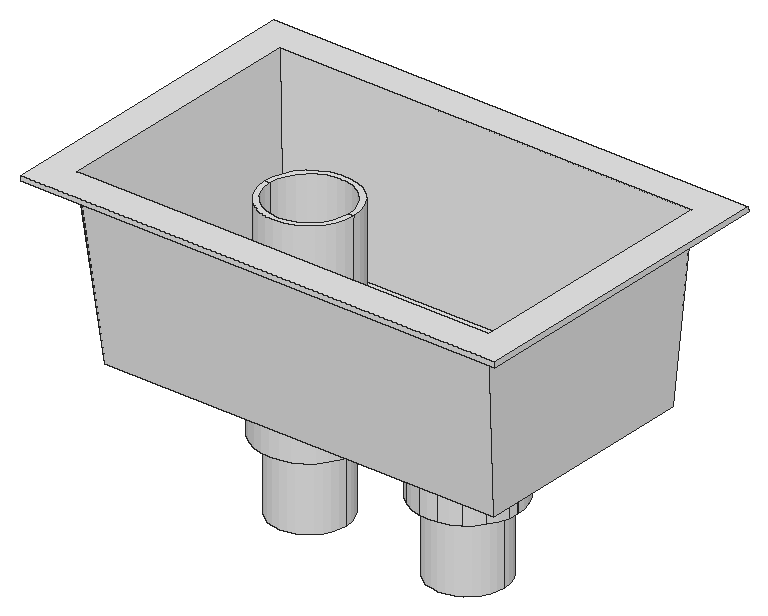
Revit family "Viking Roofspec Sump 01 M17", category Pipe Fittings, host Face, Revit 2021
Family settings
  Host = Face
  Round Connector Dimension = Use Diameter
  Part Type = Cap
  Cut with Voids When Loaded = No
  Shared = No
Parameters (values of type "Sumps IMR100 450x300x164mm+75mm outlet")
  URL = "www.vikingroofspec.co.nz"
  Type Comments = "Viking Roofspec sump / overflow IMR100, installed as per manufacturers instructions."
  Pipe Diameter = 75 mm
  Overall Height = 297 mm
  Offset Pipe2 = 79.148 mm
  Offset Pipe1 = 70.669 mm
  Model = "IMR100"
  Material = Viking Roofspec - Plastic White
  Manufacturer = "Viking Roofspec"  # constant formula
  Flow Out = 2.5 L/s
  Flange Cut Width = 300 mm
  Flange Cut Length = 450 mm
  Default Elevation = 0 mm
  Component = IMR100 : IMR100
Reference planes
  plane 1 "Center (Front/Back)": y = 0
  plane 2: z = 0
  plane 3 "Center (Left/Right)": x = 0
  plane 4 "Pipe Connector": z = -297
  plane 5: x = -225
  plane 6: x = 225
  plane 7: y = -150
  plane 8: y = 150
Forms (mm)
  Extrusion 1, void
    sketch origin (0, 0, 0) x (1, 0, 0) y (0, 1, 0)
      loop
        circle (0, 0) r 115
    from -4 to 0
  Extrusion 2, void
    sketch origin (0, 0, 0) x (1, 0, 0) y (0, 1, 0)
      loop
        line (-225, 150) -> (-225, -150) -> (225, -150) -> (225, 150) -> (-225, 150)
    from 0 to -5
  Extrusion 3, void
    sketch origin (0, 0, 0) x (1, 0, 0) y (0, 1, 0)
      loop
        line (-200, 125) -> (-200, -125) -> (200, -125) -> (200, 125) -> (-200, 125)
    from 0 to -297
  Extrusion 4, solid, not visible
    sketch origin (0, 0, -297) x (0, -1, 0) y (1, 0, 0)
      loop
        circle (0, -70.669) r 35
    from 0 to 1
  Extrusion 5, solid, not visible
    sketch origin (149.817, 0, -297) x (0, -1, 0) y (1, 0, 0)
      loop
        circle (0, -70.669) r 35
    from 0 to 1
Dimensions and locks
  "Overall Height": host face to plane 4 "Pipe Connector"
  equal spacing: plane 5, plane 3 "Center (Left/Right)", plane 6
  equal spacing: plane 8, plane 1 "Center (Front/Back)", plane 7
  "Flange Cut Length": plane 5 to plane 6
  "Flange Cut Width": plane 8 to plane 7
  locked: plane 8 to Extrusion 3 sketch curve at 25
  locked: Extrusion 3 sketch curve to plane 7 at 25
  locked: plane 5 to Extrusion 3 sketch curve at 25
  locked: Extrusion 3 sketch curve to plane 6 at 25
  "Offset Pipe1": Extrusion 4 sketch curve to nested 1
  "Offset Pipe2": nested 1 to Extrusion 5 sketch curve
  diameter of Extrusion 1 sketch curve = 230 mm
  aligned and locked: plane 2 to host face
  aligned and locked: level to host face
  aligned and locked: Extrusion 2 to plane 5
  aligned and locked: plane 8 to Extrusion 2
  aligned and locked: plane 6 to Extrusion 2
  aligned and locked: Extrusion 2 to plane 7
  aligned and locked: Extrusion 3 to plane 4 "Pipe Connector"
Automatic sketch dimensions
  host sketch curve to host sketch curve = 2438.4 mm  (x2)
  plane 1 "Center (Front/Back)" to Extrusion 1 sketch curve = 0 mm
  Extrusion 1 sketch curve to plane 3 "Center (Left/Right)" = 0 mm
  Extrusion 2 sketch curve to plane 5 = 0 mm
  Extrusion 2 sketch curve to plane 6 = 0 mm
  Extrusion 2 sketch curve to plane 7 = 0 mm
  Extrusion 2 sketch curve to plane 8 = 0 mm
  plane 1 "Center (Front/Back)" to Extrusion 4 sketch curve = 0 mm
  plane 1 "Center (Front/Back)" to Extrusion 5 sketch curve = 0 mm
  radius of Extrusion 4 sketch curve = 35 mm
  radius of Extrusion 5 sketch curve = 35 mm
Nested families
  nested 1: "IMR100" at (0, 0, 0), type <- "Component", Material <- "Material", type "IMR100"
Connectors
  piping at (79.148, 0, -297), diameter 75, driven by "Pipe Diameter", driven by "Flow Out"
    settings: on Extrusion 5, index 4, connector inside diameter 609.6 mm, connector length 0 mm, flow factor 0, pipe flow 2.5 L/s, pressure drop 0.0 Pa, fitting loss kfactor 0, connector angle 0.00°, fixture units 0, engagement length 0 mm, angle of deflection 0.00°, flow configuration 1, flow direction 2, fitting loss method 4, system type 16, joint type 0, gender type 0, connector reference index -1, connector utility 0, adjustable connector no, is connector primary yes, connector description "Sump"
  piping at (-70.669, 0, -297), diameter 75, driven by "Pipe Diameter", driven by "Flow Out"
    settings: on Extrusion 4, index 5, connector inside diameter 609.6 mm, connector length 0 mm, flow factor 0, pipe flow 2.5 L/s, pressure drop 0.0 Pa, fitting loss kfactor 0, connector angle 0.00°, fixture units 0, engagement length 0 mm, angle of deflection 0.00°, flow configuration 1, flow direction 2, fitting loss method 4, system type 16, joint type 0, gender type 0, connector reference index -1, connector utility 0, adjustable connector no, is connector primary no, connector description "Sump Overflow"
Definition of nested family "IMR100"
  Parameters (values of type "IMR100")
    Material [instance] = none
    Default Elevation = 1219.2 mm
  Reference planes
    plane 1 "Center (Front/Back)": y = 0
    plane 2: z = 0
    plane 3 "Center (Left/Right)": x = 0
  Forms (mm)
    Revolve 1, solid, material <- "Material"
      sketch origin (-516.73, 0, 0) x (1, 0, 0) y (0, 0, 1)
        loop
          line (410.877, -229.917) -> (410.877, -296.917) -> (445.858, -296.917) -> (445.859, -163.741) -> (398.481, -163.741) -> (398.481, -229.917) -> (410.877, -229.917)
        axis (445.858, -296.917) -> (445.859, -163.741)
      angle from 0 to 360
    Extrusion 2, solid, material <- "Material"
      sketch origin (0, 0, 0) x (0, 1, 0) y (0, 0, 1)
        loop
          line (-150, 0) -> (-150, -5) -> (-120, -5) -> (-105.735, -163.741) -> (105.735, -163.741) -> (120, -5) -> (150, -5) -> (150, 0) -> (-150, 0)
      from -224.883 to 225.117
    Extrusion 3, void
      sketch origin (0, 0, 0) x (1, 0, 0) y (0, 0, 1)
        loop
          line (-243.545, -5) -> (-243.545, -170.235) -> (-180.035, -170.235) -> (-194.883, -5) -> (-243.545, -5)
      from -198.718 to 250
    Extrusion 4, void
      sketch origin (0, 0, 0) x (-1, 0, 0) y (0, 0, -1)
        loop
          line (-243.545, 5) -> (-195.117, 5) -> (-188.514, 170.235) -> (-243.545, 170.235) -> (-243.545, 5)
      from -198.718 to 250
    Revolve 5, solid, material <- "Material"
      sketch origin (-366.73, 0, 0) x (1, 0, 0) y (0, 0, 1)
        loop
          line (410.877, -229.917) -> (410.877, -296.917) -> (445.858, -296.917) -> (445.859, -163.741) -> (398.481, -163.741) -> (398.481, -229.917) -> (410.877, -229.917)
        axis (445.858, -296.917) -> (445.859, -163.741)
      angle from 0 to 360
    Revolve 6, solid, material <- "Material"
      sketch origin (0, 0, 0) x (1, 0, 0) y (0, 0, 1)
        loop
          line (-113.25, -31.235) -> (-113.25, -184.949) -> (-108.25, -184.949) -> (-108.25, -31.235) -> (-113.25, -31.235)
        axis (-70.872, -31.235) -> (-70.872, -184.949)
      angle from 0 to 360
    Blend 7, void
      base sketch origin (0, 0, 0) x (1, 0, 0) y (0, 1, 0)
        loop
          line (-194.883, 120) -> (-194.883, -120) -> (195.117, -120) -> (195.117, 120) -> (-194.883, 120)
      top sketch origin (0, 0, 0) x (1, 0, 0) y (0, 1, 0)
        loop
          line (-180.618, 105.735) -> (-180.618, -105.735) -> (188.773, -105.735) -> (188.773, 105.735) -> (-180.618, 105.735)
      from 0 to -158.741
    Extrusion 8, void
      sketch origin (0, 0, 0) x (1, 0, 0) y (0, 1, 0)
        loop
          circle (79.128, 0) r 42.378
      from -158.741 to -224.917
    Extrusion 9, void
      sketch origin (-150, 0, 0) x (1, 0, 0) y (0, 1, 0)
        loop
          circle (79.128, 0) r 42.378
      from -158.741 to -224.917
    Revolve 10, solid, material <- "Material"
      sketch origin (-366.73, 0, 0) x (1, 0, 0) y (0, 0, 1)
        loop
          line (410.877, -229.917) -> (410.877, -296.917) -> (445.858, -296.917) -> (445.859, -163.741) -> (398.481, -163.741) -> (398.481, -229.917) -> (410.877, -229.917)
        axis (445.858, -296.917) -> (445.859, -163.741)
      angle from 0 to 360
  Cuts and joins
    Extrusion 8, Extrusion 9 cuts Revolve 5
    Extrusion 9 cuts Revolve 1
    Extrusion 3, Extrusion 4, Blend 7, Extrusion 8, Extrusion 9 cuts Extrusion 2
    Extrusion 8 cuts Revolve 10
    joined: Revolve 1, Extrusion 2, Revolve 10
  Dimensions and locks
    aligned and locked: level to plane 2
